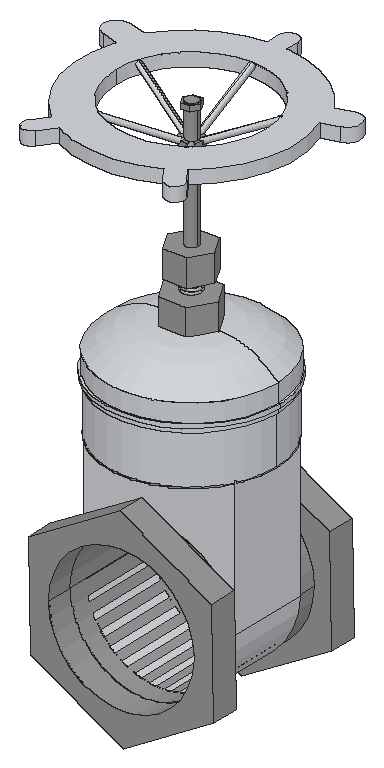
Revit family "Gate Valves - R55Y012", category Plumbing Fixtures, Revit 2015
Parameters
  Handle Material = Plastic, Green
  Body Material = Brass
Reference planes
  plane 1 "Center (Front/Back)": y = 0
  plane 2: z = 0
  plane 3 "Center (Left/Right)": x = 0
  plane 4: y = 48
  plane 5: y = -48
  plane 6: z = 240
  plane 7: y = -72.5
  plane 8: z = -58
  plane 9: y = 60
Forms (mm)
  Revolve 1, solid, material "Brass" <- "Body Material"
    sketch origin (0, 9.689, 0) x (1, 0, 0) y (0, 1, 0)
      loop
        line (40.8, 23.327) -> (40, 23.327) -> (40, -42.933) -> (40.8, -42.933) -> (40.8, 23.327)
      axis (0, 23.327) -> (0, -42.933)
    angle from 0 to 360
  Extrusion 2, solid, material "Brass" <- "Body Material"
    sketch origin (0, 0, -10.536) x (1, 0, 0) y (0, 1, 0)
      loop
        circle (0, 0) r 3.5
    from 49.077 to 250.145
  Extrusion 3, solid, material "Brass" <- "Body Material"
    sketch origin (0, 0.004, 91.007) x (1, 0, 0) y (0, 1, 0)
      loop
        line (6.5, 11.254) -> (-6.5, 11.254) -> (-13, -0.004) -> (-6.5, -11.263) -> (6.5, -11.263) -> (13, -0.004) -> (6.5, 11.254)
    from 63.088 to 78.088
  Extrusion 4, solid, material "Brass" <- "Body Material"
    sketch origin (0, 0.004, 68.921) x (1, 0, 0) y (0, 1, 0)
      loop
        line (7.5, 12.986) -> (-7.5, 12.986) -> (-15, -0.004) -> (-7.5, -12.995) -> (7.5, -12.995) -> (15, -0.004) -> (7.5, 12.986)
    from 61.858 to 76.858
  Extrusion 5, solid, material "Brass" <- "Body Material"
    sketch origin (0, 0.004, 173.184) x (1, 0, 0) y (0, 1, 0)
      loop
        line (2.499, 4.327) -> (-2.499, 4.327) -> (-4.998, -0.002) -> (-2.499, -4.331) -> (2.499, -4.331) -> (4.999, -0.002) -> (2.499, 4.327)
    from 63.282 to 66.282
  Revolve 6, solid
    sketch origin (0, 0.062, 62.386) x (1, 0, 0) y (0, 0, 1)
      loop
        line (0, 12.136) -> (0, 68.393) -> (-6.356, 68.393)
        arc (-6.356, 68.393) -> (-28.777, 66.955) -> (-47.812, 55.021) r 45.766
        line (-47.812, 55.021) -> (-47.812, 45.064) -> (-48.812, 45.064) -> (-48.812, 42.976) -> (-47.812, 42.976) -> (-47.812, 40.301) -> (-47.012, 40.301) -> (-47.012, 13.198)
        arc (-47.012, 13.198) -> (-46.702, 12.447) -> (-45.951, 12.136) r 1.062
        line (-45.951, 12.136) -> (0, 12.136)
      axis (0, 12.136) -> (0, 68.393)
    angle from 0 to 360
  Revolve 7, solid
    sketch origin (0, 0, 14.357) x (1, 0, 0) y (0, 0, 1)
      loop
        line (-2.47, 139.644) -> (-2.47, 138.252) -> (-5.032, 138.252)
        arc (-5.032, 138.252) -> (-5.415, 137.869) -> (-5.032, 137.487) r 0.383
        line (-5.032, 137.487) -> (-2.47, 137.487) -> (-2.47, 136.643) -> (-5.032, 136.643)
        arc (-5.032, 136.643) -> (-5.454, 136.221) -> (-5.032, 135.799) r 0.422
        line (-5.032, 135.799) -> (-2.47, 135.799) -> (-2.47, 134.955) -> (-5.032, 134.955)
        arc (-5.032, 134.955) -> (-5.454, 134.534) -> (-5.032, 134.112) r 0.422
        line (-5.032, 134.112) -> (-2.47, 134.112) -> (-2.47, 133.268) -> (-5.032, 133.268)
        arc (-5.032, 133.268) -> (-5.454, 132.846) -> (-5.032, 132.424) r 0.422
        line (-5.032, 132.424) -> (-2.47, 132.424) -> (-2.47, 131.453) -> (0, 131.453) -> (0, 139.644) -> (-2.47, 139.644)
      axis (0, 131.453) -> (0, 139.644)
    angle from 0 to 360
  Extrusion 8, solid
    sketch origin (0, 1.917, 0) x (1, 0, 0) y (0, 0, 1)
      loop
        line (41.5, 76.576) -> (-41.5, 76.576) -> (-41.5, 0)
        arc (-41.5, 0) -> (0, -41.5) -> (41.5, 0) r 41.5
        line (41.5, 0) -> (41.5, 76.576)
      loop
        circle (0, 0.001) r 40
    from -20.477 to 23.917
  Extrusion 9, solid, material "Brass" <- "Body Material"
    sketch origin (0, 0.004, 154.661) x (1, 0, 0) y (0, 1, 0)
      loop
        circle (0, -0.004) r 6
    from 63.088 to 66.767
  SweptBlend 10, solid
    path origin (0, -1.76, 176.8) x (0, 1, 0) y (0, 0, 1)
      loop
        line (5.602, 43.202) -> (43.76, 61.813)
    profile origin (0, 3.843, 220.002) x (0, -0.438371, 0.898794) y (1, 0, 0)
      loop
        circle (0, 0) r 1.5
    end profile origin (0, 42, 238.613) x (0, -0.438371, 0.898794) y (1, 0, 0)
      loop
        circle (0, 0) r 1.5
  SweptBlend 11, solid
    path origin (-1.635, -0.572, 176.8) x (0.951057, 0.309017, 0) y (0, 0, 1)
      loop
        line (5.602, 43.202) -> (43.76, 61.813)
    profile origin (3.693, 1.159, 220.002) x (-0.416916, -0.135464, 0.898794) y (0.309017, -0.951057, 0)
      loop
        circle (0, 0) r 1.5
    end profile origin (39.983, 12.951, 238.613) x (-0.416916, -0.135464, 0.898794) y (0.309017, -0.951057, 0)
      loop
        circle (0, 0) r 1.5
  SweptBlend 12, solid
    path origin (-1.01, 1.35, 176.8) x (0.587785, -0.809017, 0) y (0, 0, 1)
      loop
        line (5.602, 43.202) -> (43.76, 61.813)
    profile origin (2.283, -3.182, 220.002) x (-0.257668, 0.35465, 0.898794) y (-0.809017, -0.587785, 0)
      loop
        circle (0, 0) r 1.5
    end profile origin (24.711, -34.052, 238.613) x (-0.257668, 0.35465, 0.898794) y (-0.809017, -0.587785, 0)
      loop
        circle (0, 0) r 1.5
  SweptBlend 13, solid
    path origin (1.01, 1.35, 176.8) x (-0.587785, -0.809017, 0) y (0, 0, 1)
      loop
        line (5.602, 43.202) -> (43.76, 61.813)
    profile origin (-2.283, -3.182, 220.002) x (0.257668, 0.35465, 0.898794) y (-0.809017, 0.587785, 0)
      loop
        circle (0, 0) r 1.5
    end profile origin (-24.711, -34.052, 238.613) x (0.257668, 0.35465, 0.898794) y (-0.809017, 0.587785, 0)
      loop
        circle (0, 0) r 1.5
  SweptBlend 14, solid
    path origin (1.635, -0.572, 176.8) x (-0.951057, 0.309017, 0) y (0, 0, 1)
      loop
        line (5.602, 43.202) -> (43.76, 61.813)
    profile origin (-3.693, 1.159, 220.002) x (0.416916, -0.135464, 0.898794) y (0.309017, 0.951057, 0)
      loop
        circle (0, 0) r 1.5
    end profile origin (-39.983, 12.951, 238.613) x (0.416916, -0.135464, 0.898794) y (0.309017, 0.951057, 0)
      loop
        circle (0, 0) r 1.5
  Extrusion 15, solid, material "Brass" <- "Body Material"
    sketch origin (0, -14.248, 1.501) x (1, 0, 0) y (0, 0, 1)
      loop
        circle (0, -1.5) r 40
      loop
        line (-50.728, 26.619) -> (-49.716, -31.372) -> (1.012, -59.491) -> (50.728, -29.619) -> (49.716, 28.372) -> (-1.012, 56.491) -> (-50.728, 26.619)
    from 18.752 to 33.752
  Extrusion 16, solid
    sketch origin (0.005, -4.502, 180) x (1, 0, 0) y (0, 1, 0)
      loop
        circle (-0.005, 4.502) r 41.54
      loop
        line (-65.121, 25.482) -> (-55.86, 22.473)
        arc (-55.86, 22.473) -> (-57.351, -14.004) -> (-37.287, -44.503) r 59.581
        line (-37.287, -44.503) -> (-43.359, -52.861)
        arc (-43.359, -52.861) -> (-42.209, -60.123) -> (-34.947, -58.973) r 5.199
        line (-34.947, -58.973) -> (-28.967, -50.742)
        arc (-28.967, -50.742) -> (-0.005, -57.781) -> (28.958, -50.742) r 63.106
        line (28.958, -50.742) -> (34.899, -58.919)
        arc (34.899, -58.919) -> (42.161, -60.07) -> (43.311, -52.808) r 5.199
        line (43.311, -52.808) -> (37.331, -44.577)
        arc (37.331, -44.577) -> (57.474, -14.039) -> (55.978, 22.514) r 59.587
        line (55.978, 22.514) -> (64.709, 25.482)
        arc (64.709, 25.482) -> (70.256, 34.241) -> (61.496, 39.787) r 7.331
        line (61.496, 39.787) -> (52.24, 36.78)
        arc (52.24, 36.78) -> (31.616, 56.16) -> (4.575, 64.507) r 62.751
        line (4.575, 64.507) -> (4.575, 71.839)
        arc (4.575, 71.839) -> (-0.624, 77.039) -> (-5.823, 71.84) r 5.199
        line (-5.823, 71.84) -> (-5.823, 64.383)
        arc (-5.823, 64.383) -> (-32.096, 55.79) -> (-52.127, 36.741) r 62.741
        line (-52.127, 36.741) -> (-61.502, 39.787)
        arc (-61.502, 39.787) -> (-70.67, 34.496) -> (-65.121, 25.482) r 7.381
    from 52.613 to 60
  Extrusion 17, solid, material "Brass" <- "Body Material"
    sketch origin (0, 66.752, 1.501) x (1, 0, 0) y (0, 0, 1)
      loop
        circle (0, -1.5) r 40
      loop
        line (-50.728, 26.619) -> (-49.716, -31.372) -> (1.012, -59.491) -> (50.728, -29.619) -> (49.716, 28.372) -> (-1.012, 56.491) -> (-50.728, 26.619)
    from 18.752 to 33.752
Dimensions and locks
  plane 5 to plane 4 = 96 mm
  plane 6 to plane 2 = 240 mm
  plane 6 to plane 8 = 298 mm
  aligned and locked: level to plane 2
